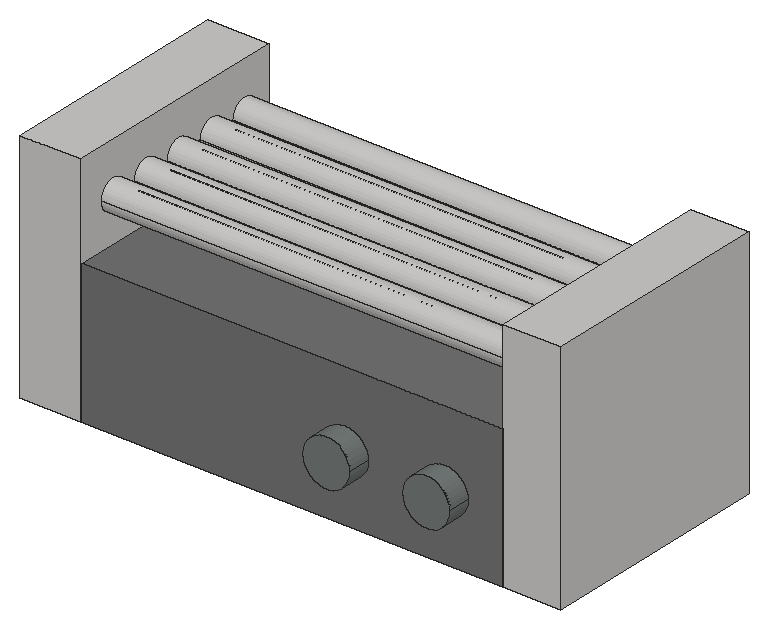
Revit family "QF_Vollrath_40820", category Specialty Equipment, Revit 2016
Family settings
  Part Type = Normal
  Round Connector Dimension = Use Diameter
  OmniClass Number = 23.40.40.14.17.21
  OmniClass Title = Grills
  Work Plane-Based = No
  Always vertical = Yes
  Cut with Voids When Loaded = No
  Shared = No
  Room Calculation Point = No
Parameters (values of type "HDR5005")
  Width = 15.80078"
  Weight in Pounds = 27
  Watts = 9500 W
  Watermarked By = "http://revitwatermark.com"
  Volts = 110 V
  URL Cutsheet = ""
  URL = "www.vollrathco.com"
  Status [instance] = ""
  Specification by User [instance] = ""
  Specification by Manufacturer = ""
  Serial Number [instance] = ""
  Seismic Rating [instance] = ""
  SMACNA No [instance] = ""
  Revision Code [instance] = ""
  Phase = 1
  Number of Poles [instance] = 1
  NAFEM Spec ID Number [instance] = ""
  Model = "HDR5005"
  Masterspec = ""
  Manufacturer = "Vollrath"
  Item Number [instance] = ""
  Installed By [instance] = ""
  Height AFF [instance] = 36.00"
  Furnished By [instance] = ""
  Foodservice Equipment Identifier [instance] = yes
  FL Amps = 12 A
  Electrical Remarks [instance] = ""
  Electric Connection Type [instance] = ""
  Elec Conn RI Height [instance] = 0.00"
  Elec Conn Connection Height = 2.00"
  Description = "5 Hot Dog Roller Grill"
  Cycle = 60 Hz
  Conn Plug = "NEMA 5-15P"
  CSI MasterFormat = "11 42 13"
  Assembly Code = "E1090320"
  Apparent Power = if(Phase = 3, Volts * FL Amps * 1.73, Volts * FL Amps)  # 1320 VA
Reference planes (in)
  plane 1: z = 0
  plane 2 "LEFT": x = 48
  plane 3 "BACK": y = -48
  plane 4 "BOTTOM": z = 36
  plane 5 "RIGHT": x = 71
  plane 6 "FRONT": y = -58
  plane 7: z = 26.5796
  plane 8 "TOP": z = 46
  plane 9: x = 50.59367
  plane 10: x = 68.54957
  plane 11: z = 42.0353
  plane 12: z = 28.25326
Forms (in)
  Extrusion 1, solid, material "QF_Finishes_Stainless Steel", not visible
    sketch origin (0, -75.61667, 13.94238) x (-1, 0, 0) y (0, 0.422618, 0.906308)
      loop
        line (-61.50401, 16.83949) -> (-49.55058, 16.83949) -> (-49.55058, 21.54291) -> (-61.50401, 21.54291) -> (-61.50401, 16.83949)
      loop
        circle (-51.11798, 19.07879) r 1.25
      loop
        circle (-51.11798, 19.07879) r 1
      loop
        line (-54.03077, 21.06689) -> (-57.03077, 21.06689) -> (-57.03077, 20.31689) -> (-54.03077, 20.31689) -> (-54.03077, 21.06689)
      loop
        circle (-54.03077, 17.5068) r 0.25
      loop
        circle (-56.78077, 17.5068) r 0.25
    from 0 to 0.68909
  Extrusion 2, solid, material "QF_Finishes_Black", not visible
    sketch origin (0, -75.54289, 2.05167) x (-1, 0, 0) y (0, 0.422618, 0.906308)
      loop
        circle (-51.11798, 29.82425) r 1.25
      loop
        circle (-51.11798, 29.82425) r 1
    from -5.0921 to -4.40301
  Extrusion 3, solid, material "QF_Finishes_Black", not visible
    sketch origin (0, -75.78725, 14.03463) x (-1, 0, 0) y (0, 0.406737, 0.913545)
      loop
        line (-57.03077, 21.03676) -> (-57.03077, 20.35703) -> (-54.03077, 20.35703) -> (-54.03077, 21.03676) -> (-57.03077, 21.03676)
      loop
        circle (-54.03077, 17.5068) r 0.25
      loop
        circle (-56.78077, 17.5068) r 0.25
    from 0.54411 to 1.25
  Extrusion 4, solid, material "QF_Finishes_Dark Grey", not visible
    sketch origin (0, -70.09177, 5.66795) x (-1, 0, 0) y (0, 0.422618, 0.906308)
      loop
        circle (-52.11896, 26.29929) r 0.25
      loop
        circle (-53.36896, 26.29929) r 0.25
      loop
        circle (-54.61896, 26.29929) r 0.25
      loop
        circle (-55.86896, 26.29929) r 0.25
      loop
        circle (-57.11896, 26.29929) r 0.25
      loop
        circle (-58.36896, 26.29929) r 0.25
    from 7.45399 to 7.92109
  Extrusion 5, solid, material "QF_Finishes_Stainless Steel", not visible
    sketch origin (0, -61.5, 0) x (-1, 0, 0) y (0, 0, 1)
      loop
        circle (-49.14244, 32.63817) r 0.1236
    from 0 to 12
  Extrusion 6, solid, material "QF_Finishes_Stainless Steel", not visible
    sketch origin (24.25, -61.5, 0) x (-1, 0, 0) y (0, 0, 1)
      loop
        circle (-49.14244, 32.63817) r 0.1236
    from 0 to 12
  Extrusion 7, solid, material "QF_Finishes_Stainless Steel", not visible
    sketch origin (0.75781, -61.5, 0) x (-1, 0, 0) y (0, 0, 1)
      loop
        circle (-49.14244, 32.63817) r 0.1236
    from 0 to 12
  Extrusion 8, solid, material "QF_Finishes_Stainless Steel", not visible
    sketch origin (1.51562, -61.5, 0) x (-1, 0, 0) y (0, 0, 1)
      loop
        circle (-49.14244, 32.63817) r 0.1236
    from 0 to 12
  Extrusion 9, solid, material "QF_Finishes_Stainless Steel", not visible
    sketch origin (2.27344, -61.5, 0) x (-1, 0, 0) y (0, 0, 1)
      loop
        circle (-49.14244, 32.63817) r 0.1236
    from 0 to 12
  Extrusion 10, solid, material "QF_Finishes_Stainless Steel", not visible
    sketch origin (3.03125, -61.5, 0) x (-1, 0, 0) y (0, 0, 1)
      loop
        circle (-49.14244, 32.63817) r 0.1236
    from 0 to 12
  Extrusion 11, solid, material "QF_Finishes_Stainless Steel", not visible
    sketch origin (3.78906, -61.5, 0) x (-1, 0, 0) y (0, 0, 1)
      loop
        circle (-49.14244, 32.63817) r 0.1236
    from 0 to 12
  Extrusion 12, solid, material "QF_Finishes_Stainless Steel", not visible
    sketch origin (4.54687, -61.5, 0) x (-1, 0, 0) y (0, 0, 1)
      loop
        circle (-49.14244, 32.63817) r 0.1236
    from 0 to 12
  Extrusion 13, solid, material "QF_Finishes_Stainless Steel", not visible
    sketch origin (5.30469, -61.5, 0) x (-1, 0, 0) y (0, 0, 1)
      loop
        circle (-49.14244, 32.63817) r 0.1236
    from 0 to 12
  Extrusion 14, solid, material "QF_Finishes_Stainless Steel", not visible
    sketch origin (6.0625, -61.5, 0) x (-1, 0, 0) y (0, 0, 1)
      loop
        circle (-49.14244, 32.63817) r 0.1236
    from 0 to 12
  Extrusion 15, solid, material "QF_Finishes_Stainless Steel", not visible
    sketch origin (6.82031, -61.5, 0) x (-1, 0, 0) y (0, 0, 1)
      loop
        circle (-49.14244, 32.63817) r 0.1236
    from 0 to 12
  Extrusion 16, solid, material "QF_Finishes_Stainless Steel", not visible
    sketch origin (7.57812, -61.5, 0) x (-1, 0, 0) y (0, 0, 1)
      loop
        circle (-49.14244, 32.63817) r 0.1236
    from 0 to 12
  Extrusion 17, solid, material "QF_Finishes_Stainless Steel", not visible
    sketch origin (8.33594, -61.5, 0) x (-1, 0, 0) y (0, 0, 1)
      loop
        circle (-49.14244, 32.63817) r 0.1236
    from 0 to 12
  Extrusion 18, solid, material "QF_Finishes_Stainless Steel", not visible
    sketch origin (9.09375, -61.5, 0) x (-1, 0, 0) y (0, 0, 1)
      loop
        circle (-49.14244, 32.63817) r 0.1236
    from 0 to 12
  Extrusion 19, solid, material "QF_Finishes_Stainless Steel", not visible
    sketch origin (9.85156, -61.5, 0) x (-1, 0, 0) y (0, 0, 1)
      loop
        circle (-49.14244, 32.63817) r 0.1236
    from 0 to 12
  Extrusion 20, solid, material "QF_Finishes_Stainless Steel", not visible
    sketch origin (10.60937, -61.5, 0) x (-1, 0, 0) y (0, 0, 1)
      loop
        circle (-49.14244, 32.63817) r 0.1236
    from 0 to 12
  Extrusion 21, solid, material "QF_Finishes_Stainless Steel", not visible
    sketch origin (11.36719, -61.5, 0) x (-1, 0, 0) y (0, 0, 1)
      loop
        circle (-49.14244, 32.63817) r 0.1236
    from 0 to 12
  Extrusion 22, solid, material "QF_Finishes_Stainless Steel", not visible
    sketch origin (12.125, -61.5, 0) x (-1, 0, 0) y (0, 0, 1)
      loop
        circle (-49.14244, 32.63817) r 0.1236
    from 0 to 12
  Extrusion 23, solid, material "QF_Finishes_Stainless Steel", not visible
    sketch origin (12.88281, -61.5, 0) x (-1, 0, 0) y (0, 0, 1)
      loop
        circle (-49.14244, 32.63817) r 0.1236
    from 0 to 12
  Extrusion 24, solid, material "QF_Finishes_Stainless Steel", not visible
    sketch origin (13.64062, -61.5, 0) x (-1, 0, 0) y (0, 0, 1)
      loop
        circle (-49.14244, 32.63817) r 0.1236
    from 0 to 12
  Extrusion 25, solid, material "QF_Finishes_Stainless Steel", not visible
    sketch origin (14.39844, -61.5, 0) x (-1, 0, 0) y (0, 0, 1)
      loop
        circle (-49.14244, 32.63817) r 0.1236
    from 0 to 12
  Extrusion 26, solid, material "QF_Finishes_Stainless Steel", not visible
    sketch origin (15.15625, -61.5, 0) x (-1, 0, 0) y (0, 0, 1)
      loop
        circle (-49.14244, 32.63817) r 0.1236
    from 0 to 12
  Extrusion 27, solid, material "QF_Finishes_Stainless Steel", not visible
    sketch origin (15.91406, -61.5, 0) x (-1, 0, 0) y (0, 0, 1)
      loop
        circle (-49.14244, 32.63817) r 0.1236
    from 0 to 12
  Extrusion 28, solid, material "QF_Finishes_Stainless Steel", not visible
    sketch origin (16.67187, -61.5, 0) x (-1, 0, 0) y (0, 0, 1)
      loop
        circle (-49.14244, 32.63817) r 0.1236
    from 0 to 12
  Extrusion 29, solid, material "QF_Finishes_Stainless Steel", not visible
    sketch origin (17.42969, -61.5, 0) x (-1, 0, 0) y (0, 0, 1)
      loop
        circle (-49.14244, 32.63817) r 0.1236
    from 0 to 12
  Extrusion 30, solid, material "QF_Finishes_Stainless Steel", not visible
    sketch origin (18.1875, -61.5, 0) x (-1, 0, 0) y (0, 0, 1)
      loop
        circle (-49.14244, 32.63817) r 0.1236
    from 0 to 12
  Extrusion 31, solid, material "QF_Finishes_Stainless Steel", not visible
    sketch origin (18.94531, -61.5, 0) x (-1, 0, 0) y (0, 0, 1)
      loop
        circle (-49.14244, 32.63817) r 0.1236
    from 0 to 12
  Extrusion 32, solid, material "QF_Finishes_Stainless Steel", not visible
    sketch origin (19.70312, -61.5, 0) x (-1, 0, 0) y (0, 0, 1)
      loop
        circle (-49.14244, 32.63817) r 0.1236
    from 0 to 12
  Extrusion 33, solid, material "QF_Finishes_Stainless Steel", not visible
    sketch origin (20.46094, -61.5, 0) x (-1, 0, 0) y (0, 0, 1)
      loop
        circle (-49.14244, 32.63817) r 0.1236
    from 0 to 12
  Extrusion 34, solid, material "QF_Finishes_Stainless Steel", not visible
    sketch origin (21.21875, -61.5, 0) x (-1, 0, 0) y (0, 0, 1)
      loop
        circle (-49.14244, 32.63817) r 0.1236
    from 0 to 12
  Extrusion 35, solid, material "QF_Finishes_Stainless Steel", not visible
    sketch origin (21.97656, -61.5, 0) x (-1, 0, 0) y (0, 0, 1)
      loop
        circle (-49.14244, 32.63817) r 0.1236
    from 0 to 12
  Extrusion 36, solid, material "QF_Finishes_Stainless Steel", not visible
    sketch origin (22.73437, -61.5, 0) x (-1, 0, 0) y (0, 0, 1)
      loop
        circle (-49.14244, 32.63817) r 0.1236
    from 0 to 12
  Extrusion 37, solid, material "QF_Finishes_Stainless Steel", not visible
    sketch origin (23.49219, -61.5, 0) x (-1, 0, 0) y (0, 0, 1)
      loop
        circle (-49.14244, 32.63817) r 0.1236
    from 0 to 12
  Extrusion 38, void, not visible
    sketch origin (0, -48, 0) x (1, 0, 0) y (0, 0, 1)
      loop
        line (48.98039, 38.95479) -> (48.98039, 37.45479) -> (49.23039, 37.45479) -> (49.23039, 38.95479) -> (48.98039, 38.95479)
      loop
        line (49.48039, 38.95479) -> (49.48039, 37.45479) -> (49.73039, 37.45479) -> (49.73039, 38.95479) -> (49.48039, 38.95479)
      loop
        line (49.98039, 38.95479) -> (49.98039, 37.45479) -> (50.23039, 37.45479) -> (50.23039, 38.95479) -> (49.98039, 38.95479)
      loop
        line (50.48039, 38.95479) -> (50.48039, 37.45479) -> (50.73039, 37.45479) -> (50.73039, 38.95479) -> (50.48039, 38.95479)
      loop
        line (50.98039, 38.95479) -> (50.98039, 37.45479) -> (51.23039, 37.45479) -> (51.23039, 38.95479) -> (50.98039, 38.95479)
      loop
        line (51.48039, 38.95479) -> (51.48039, 37.45479) -> (51.73039, 37.45479) -> (51.73039, 38.95479) -> (51.48039, 38.95479)
      loop
        line (51.98039, 38.95479) -> (51.98039, 37.45479) -> (52.23039, 37.45479) -> (52.23039, 38.95479) -> (51.98039, 38.95479)
      loop
        line (52.48039, 38.95479) -> (52.48039, 37.45479) -> (52.73039, 37.45479) -> (52.73039, 38.95479) -> (52.48039, 38.95479)
      loop
        line (52.98039, 38.95479) -> (52.98039, 37.45479) -> (53.23039, 37.45479) -> (53.23039, 38.95479) -> (52.98039, 38.95479)
      loop
        line (53.48039, 38.95479) -> (53.48039, 37.45479) -> (53.73039, 37.45479) -> (53.73039, 38.95479) -> (53.48039, 38.95479)
      loop
        line (53.98039, 38.95479) -> (53.98039, 37.45479) -> (54.23039, 37.45479) -> (54.23039, 38.95479) -> (53.98039, 38.95479)
      loop
        line (54.48039, 38.95479) -> (54.48039, 37.45479) -> (54.73039, 37.45479) -> (54.73039, 38.95479) -> (54.48039, 38.95479)
      loop
        line (54.98039, 38.95479) -> (54.98039, 37.45479) -> (55.23039, 37.45479) -> (55.23039, 38.95479) -> (54.98039, 38.95479)
      loop
        line (55.48039, 38.95479) -> (55.48039, 37.45479) -> (55.73039, 37.45479) -> (55.73039, 38.95479) -> (55.48039, 38.95479)
      loop
        line (55.98039, 38.95479) -> (55.98039, 37.45479) -> (56.23039, 37.45479) -> (56.23039, 38.95479) -> (55.98039, 38.95479)
      loop
        line (65.98039, 38.95479) -> (65.98039, 37.45479) -> (66.23039, 37.45479) -> (66.23039, 38.95479) -> (65.98039, 38.95479)
      loop
        line (66.48039, 38.95479) -> (66.48039, 37.45479) -> (66.73039, 37.45479) -> (66.73039, 38.95479) -> (66.48039, 38.95479)
      loop
        line (66.98039, 38.95479) -> (66.98039, 37.45479) -> (67.23039, 37.45479) -> (67.23039, 38.95479) -> (66.98039, 38.95479)
      loop
        line (67.48039, 38.95479) -> (67.48039, 37.45479) -> (67.73039, 37.45479) -> (67.73039, 38.95479) -> (67.48039, 38.95479)
      loop
        line (67.98039, 38.95479) -> (67.98039, 37.45479) -> (68.23039, 37.45479) -> (68.23039, 38.95479) -> (67.98039, 38.95479)
      loop
        line (68.48039, 38.95479) -> (68.48039, 37.45479) -> (68.73039, 37.45479) -> (68.73039, 38.95479) -> (68.48039, 38.95479)
      loop
        line (68.98039, 38.95479) -> (68.98039, 37.45479) -> (69.23039, 37.45479) -> (69.23039, 38.95479) -> (68.98039, 38.95479)
      loop
        line (69.48039, 38.95479) -> (69.48039, 37.45479) -> (69.73039, 37.45479) -> (69.73039, 38.95479) -> (69.48039, 38.95479)
      loop
        line (69.98039, 38.95479) -> (69.98039, 37.45479) -> (70.23039, 37.45479) -> (70.23039, 38.95479) -> (69.98039, 38.95479)
      loop
        line (70.48039, 38.95479) -> (70.48039, 37.45479) -> (70.73039, 37.45479) -> (70.73039, 38.95479) -> (70.48039, 38.95479)
      loop
        line (70.98039, 38.95479) -> (70.98039, 37.45479) -> (71.23039, 37.45479) -> (71.23039, 38.95479) -> (70.98039, 38.95479)
      loop
        line (71.48039, 38.95479) -> (71.48039, 37.45479) -> (71.73039, 37.45479) -> (71.73039, 38.95479) -> (71.48039, 38.95479)
      loop
        line (71.98039, 38.95479) -> (71.98039, 37.45479) -> (72.23039, 37.45479) -> (72.23039, 38.95479) -> (71.98039, 38.95479)
      loop
        line (72.48039, 38.95479) -> (72.48039, 37.45479) -> (72.73039, 37.45479) -> (72.73039, 38.95479) -> (72.48039, 38.95479)
      loop
        line (72.98039, 38.95479) -> (72.98039, 37.45479) -> (73.23039, 37.45479) -> (73.23039, 38.95479) -> (72.98039, 38.95479)
    from 13.25 to 13.5
  Extrusion 39, solid, material "QF_Finishes_Stainless Steel"
    sketch origin (0, -48, 0) x (1, 0, 0) y (0, 0, 1)
      loop
        line (48, 46) -> (48, 36) -> (50.59367, 36) -> (50.59367, 46) -> (48, 46)
    from 0 to 10
  Extrusion 40, solid, material "QF_Finishes_Stainless Steel"
    sketch origin (20.40633, -48, 0) x (1, 0, 0) y (0, 0, 1)
      loop
        line (48.14323, 46) -> (48.14323, 36) -> (50.59367, 36) -> (50.59367, 46) -> (48.14323, 46)
    from 0 to 10
  Extrusion 41, solid, material "QF_Finishes_Dark Grey"
    sketch origin (0, -48, 0) x (1, 0, 0) y (0, 0, 1)
      loop
        line (50.59367, 42.0353) -> (50.59367, 36) -> (68.54957, 36) -> (68.54957, 42.0353) -> (50.59367, 42.0353)
    from 0 to 10
  Extrusion 42, solid, material "QF_Finishes_Stainless Steel"
    sketch origin (71, 3.75, 10) x (0, 1, 0) y (0, 0, 1)
      loop
        circle (-60.08911, 33.96491) r 0.625
    from -20.40633 to -2.45043
  Extrusion 43, solid, material "QF_Finishes_Black"
    sketch origin (0, -44.5, 0) x (1, 0, 0) y (0, 0, 1)
      loop
        circle (61.81249, 38.77869) r 1
      loop
        circle (66.06249, 38.77869) r 1
    from 13.5 to 14.46369
  Extrusion 44, solid, material "QF_Finishes_Stainless Steel"
    sketch origin (71, 10.75, 10) x (0, 1, 0) y (0, 0, 1)
      loop
        circle (-60.08911, 33.96491) r 0.625
    from -20.40633 to -2.45043
  Extrusion 45, solid, material "QF_Finishes_Stainless Steel"
    sketch origin (71, 5.5, 10) x (0, 1, 0) y (0, 0, 1)
      loop
        circle (-60.08911, 33.96491) r 0.625
    from -20.40633 to -2.45043
  Extrusion 46, solid, material "QF_Finishes_Stainless Steel"
    sketch origin (71, 7.25, 10) x (0, 1, 0) y (0, 0, 1)
      loop
        circle (-60.08911, 33.96491) r 0.625
    from -20.40633 to -2.45043
  Extrusion 47, solid, material "QF_Finishes_Stainless Steel"
    sketch origin (71, 9, 10) x (0, 1, 0) y (0, 0, 1)
      loop
        circle (-60.08911, 33.96491) r 0.625
    from -20.40633 to -2.45043
  Extrusion 48, solid, material "QF_Finishes_Stainless Steel"
    sketch origin (0, -48, 0) x (1, 0, 0) y (0, 0, 1)
      loop
        circle (68.54957, 38.25326) r 0.5
    from -0.331 to 0
Lines and regions (in)
  symbolic lines
    curve 1: line (50.59367, -48, 0) -> (48, -48, 0)
    curve 2: line (48, -48, 0) -> (48, -58, 0)
    curve 3: line (68.54957, -48, 0) -> (50.59367, -48, 0)
    curve 4: line (71, -48, 0) -> (68.54957, -48, 0)
    curve 5: line (71, -58, 0) -> (71, -48, 0)
    curve 6: line (68.54957, -58, 0) -> (71, -58, 0)
    curve 7: line (50.59367, -58, 0) -> (68.54957, -58, 0)
    curve 8: line (48, -58, 0) -> (50.59367, -58, 0)
    curve 9: line (50.59367, -58, 0) -> (50.59367, -48, 0)
    curve 10: line (68.54957, -48, 0) -> (68.54957, -58, 0)
    curve 11: line (50.59367, -48.75, 0) -> (68.54957, -48.75, 0)
    curve 12: line (68.54957, -49.91235, 0) -> (50.59367, -49.91235, 0)
    curve 13: line (50.59367, -50.41235, 0) -> (68.54957, -50.41235, 0)
    curve 14: line (68.54957, -51.66235, 0) -> (50.59367, -51.66235, 0)
    curve 15: line (50.59367, -52.16235, 0) -> (68.54957, -52.16235, 0)
    curve 16: line (68.54957, -53.54654, 0) -> (50.59367, -53.54654, 0)
    curve 17: line (50.59367, -54.04654, 0) -> (68.54957, -54.04654, 0)
    curve 18: line (50.59367, -55.25, 0) -> (68.54957, -55.25, 0)
    curve 19: line (50.59367, -55.75, 0) -> (68.54957, -55.75, 0)
    curve 20: line (50.59367, -57, 0) -> (68.54957, -57, 0)
Dimensions and locks (in)
  "Height AFF": plane 4 "BOTTOM" to level
  plane 6 "FRONT" to plane 3 "BACK" = 10.00"
  plane 2 "LEFT" to plane 5 "RIGHT" = 23.00"
  plane 8 "TOP" to plane 4 "BOTTOM" = 10.00"
  locked: plane 11 to plane 4 "BOTTOM" at 6.0353
  locked: Extrusion 42 to plane 4 "BOTTOM" at 7.96491
  equal spacing: group 5, group 7, group 8, group 9, group 6  (x3)
  locked: Extrusion 45 to plane 4 "BOTTOM" at 7.96491
  locked: Extrusion 46 to plane 4 "BOTTOM" at 7.96491
  locked: plane 4 "BOTTOM" to Extrusion 48 sketch curve at 2.25326
  aligned and locked: level to plane 1
  aligned and locked: Extrusion 2 sketch curve to Extrusion 1  (x4)
  aligned and locked: Extrusion 39 sketch curve to plane 8 "TOP"
  aligned and locked: plane 2 "LEFT" to Extrusion 39 sketch curve
  aligned and locked: plane 4 "BOTTOM" to Extrusion 39 sketch curve
  aligned and locked: plane 9 to Extrusion 39 sketch curve
  aligned and locked: Extrusion 40 to plane 10
  aligned and locked: plane 8 "TOP" to Extrusion 40
  aligned and locked: plane 5 "RIGHT" to Extrusion 40
  aligned and locked: Extrusion 40 to plane 4 "BOTTOM"
  aligned and locked: Extrusion 41 sketch curve to plane 9
  aligned and locked: Extrusion 41 sketch curve to Extrusion 40
  aligned and locked: Extrusion 40 to Extrusion 41 sketch curve
  aligned and locked: plane 9 to Extrusion 42
  aligned and locked: plane 10 to Extrusion 42
Automatic sketch dimensions
  Extrusion 1 sketch curve to Extrusion 1 sketch curve = 0.00"  (x5)
  Extrusion 1 sketch curve to Extrusion 1 sketch curve = 4.47324"
  Extrusion 1 sketch curve to Extrusion 1 sketch curve = 0.25"
  Extrusion 1 sketch curve to Extrusion 1 sketch curve = 3.00"
  Extrusion 1 sketch curve to Extrusion 1 sketch curve = 2.75"
  Extrusion 1 sketch curve to Extrusion 1 sketch curve = 1.56739"
  Extrusion 1 sketch curve to Extrusion 1 sketch curve = 0.66732"
  Extrusion 1 sketch curve to Extrusion 1 sketch curve = 2.2393"
  Extrusion 1 sketch curve to Extrusion 1 sketch curve = 2.81008"
  Extrusion 1 sketch curve to Extrusion 1 sketch curve = 0.75"
  Extrusion 3 sketch curve to Extrusion 3 sketch curve = 3.00"
  Extrusion 1 sketch curve to Extrusion 1 sketch curve = 2.46412"
  Extrusion 3 sketch curve to Extrusion 3 sketch curve = 0.00"  (x6)
  Extrusion 3 sketch curve to Extrusion 3 sketch curve = 0.25"  (x2)
  Extrusion 3 sketch curve to Extrusion 3 sketch curve = 2.25"
  Extrusion 3 sketch curve to Extrusion 3 sketch curve = 2.85023"
  Extrusion 3 sketch curve to Extrusion 3 sketch curve = 0.67973"
  Extrusion 1 sketch curve to Extrusion 1 sketch curve = 2.9128"
  Extrusion 4 sketch curve to Extrusion 4 sketch curve = 1.25"  (x5)
  Extrusion 4 sketch curve to Extrusion 4 sketch curve = 0.00"  (x5)
  Extrusion 38 sketch curve to Extrusion 38 sketch curve = 0.25"  (x58)
  Extrusion 38 sketch curve to Extrusion 38 sketch curve = 0.00"  (x57)
  Extrusion 38 sketch curve to Extrusion 38 sketch curve = 9.75"
  Extrusion 38 sketch curve to Extrusion 38 sketch curve = 1.50"  (x2)
  Extrusion 40 sketch curve to plane 4 "BOTTOM" = 0.00"
  Extrusion 40 sketch curve to plane 10 = 0.00"
  Extrusion 40 sketch curve to plane 5 "RIGHT" = 0.00"
  Extrusion 40 sketch curve to plane 8 "TOP" = 0.00"
  Extrusion 41 sketch curve to plane 11 = 0.00"
  plane 4 "BOTTOM" to Extrusion 43 sketch curve = 2.77869"  (x2)
  Extrusion 43 sketch curve to plane 10 = 6.73708"
  Extrusion 43 sketch curve to plane 10 = 2.48708"
  Extrusion 48 sketch curve to plane 10 = 0.00"
  curve 1 to plane 2 "LEFT" = 0.00"
  curve 20 to plane 9 = 0.00"
  curve 10 to plane 6 "FRONT" = 0.00"
  curve 12 to plane 10 = 0.00"
  plane 3 "BACK" to curve 5 = 0.00"
  curve 5 to plane 5 "RIGHT" = 0.00"
  curve 7 to curve 20 = 1.00"
  curve 20 to curve 19 = 1.25"
  curve 19 to curve 18 = 0.50"
  curve 18 to curve 17 = 1.20346"
  curve 17 to curve 16 = 0.50"
  curve 16 to curve 15 = 1.38419"
  curve 15 to curve 14 = 0.50"
  curve 14 to curve 13 = 1.25"
  curve 13 to curve 12 = 0.50"
  plane 3 "BACK" to curve 11 = 0.75"
  radius of Extrusion 1 sketch curve = 1.25"
  radius of Extrusion 1 sketch curve = 1.00"
  radius of Extrusion 1 sketch curve = 0.25"  (x2)
  radius of Extrusion 4 sketch curve = 0.25"  (x6)
  radius of Extrusion 5 sketch curve = 0.1236"
  radius of Extrusion 6 sketch curve = 0.1236"
  radius of Extrusion 7 sketch curve = 0.1236"
  radius of Extrusion 8 sketch curve = 0.1236"
  radius of Extrusion 9 sketch curve = 0.1236"
  radius of Extrusion 10 sketch curve = 0.1236"
  radius of Extrusion 11 sketch curve = 0.1236"
  radius of Extrusion 12 sketch curve = 0.1236"
  radius of Extrusion 13 sketch curve = 0.1236"
  radius of Extrusion 14 sketch curve = 0.1236"
  radius of Extrusion 15 sketch curve = 0.1236"
  radius of Extrusion 16 sketch curve = 0.1236"
  radius of Extrusion 17 sketch curve = 0.1236"
  radius of Extrusion 18 sketch curve = 0.1236"
  radius of Extrusion 19 sketch curve = 0.1236"
  radius of Extrusion 20 sketch curve = 0.1236"
  radius of Extrusion 21 sketch curve = 0.1236"
  radius of Extrusion 22 sketch curve = 0.1236"
  radius of Extrusion 23 sketch curve = 0.1236"
  radius of Extrusion 24 sketch curve = 0.1236"
  radius of Extrusion 25 sketch curve = 0.1236"
  radius of Extrusion 26 sketch curve = 0.1236"
  radius of Extrusion 27 sketch curve = 0.1236"
  radius of Extrusion 28 sketch curve = 0.1236"
  radius of Extrusion 29 sketch curve = 0.1236"
  radius of Extrusion 30 sketch curve = 0.1236"
  radius of Extrusion 31 sketch curve = 0.1236"
  radius of Extrusion 32 sketch curve = 0.1236"
  radius of Extrusion 33 sketch curve = 0.1236"
  radius of Extrusion 34 sketch curve = 0.1236"
  radius of Extrusion 35 sketch curve = 0.1236"
  radius of Extrusion 36 sketch curve = 0.1236"
  radius of Extrusion 37 sketch curve = 0.1236"
  radius of Extrusion 42 sketch curve = 0.625"
  radius of Extrusion 44 sketch curve = 0.625"
  radius of Extrusion 45 sketch curve = 0.625"
  radius of Extrusion 46 sketch curve = 0.625"
  radius of Extrusion 47 sketch curve = 0.625"
  radius of Extrusion 43 sketch curve = 1.00"  (x2)
  radius of Extrusion 48 sketch curve = 0.50"
Connectors (in)
  electrical at (68.54957, -47.669, 38.25326), driven by "Number of Poles", driven by "Volts", driven by "Apparent Power"
    settings: on Extrusion 48, index 1, voltage 110 V, apparent load 1320 VA, apparent load phase1 0 VA, apparent load phase2 0 VA, apparent load phase3 0 VA, power factor 1, load classification "Other", number of poles 1, system type 30, power factor state 1, is connector primary yes, connector utility no, sub classification motor no, connector description "Electric Connection"
